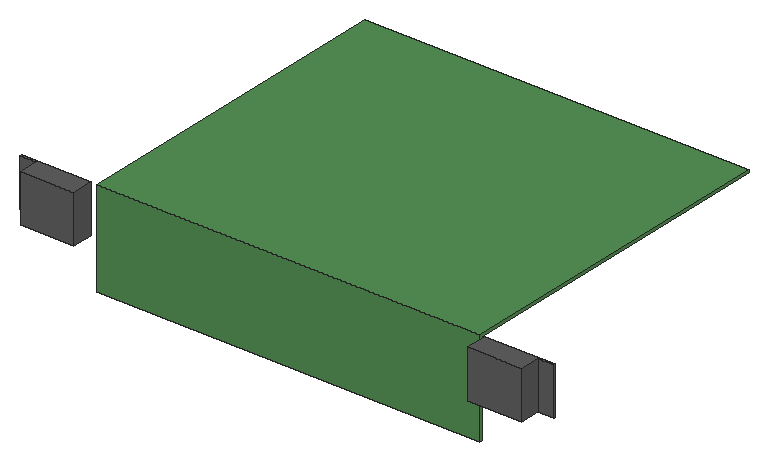
Revit family "Levelers_Kelley_aFX", category Specialty Equipment, host Floor, Revit 2026
Family settings
  Host = Floor
  Round Connector Dimension = Use Diameter
  Part Type = Normal
  Enable Cutting in Views = No
  Always vertical = Yes
  Cut with Voids When Loaded = Yes
  Maintain Annotation Orientation = No
  Shared = No
  Room Calculation Point = No
Parameters (values of type "6x6")
  URL = "http://kelleyentrematic.com/"
  Model = "aFX"
  Manufacturer = "Kelley Entrematic"
  Description = "Airbag Leveler"
  LipExtension = 0' - 0"
  PitWidth = 6' - 2"
  PitLength = 5' - 3"
  PitDepthR = PitDepth - 0' 0 1/2"  # 1' - 7 1/2"
  PitDepth = 1' - 8"
  LipLength = 1' - 6"
  Default Elevation = 0' - 0"
  Curb = 0' - 3"
  Capacity = "30-50k"
Types (18): name | LipExtension | PitWidth | PitLength | PitDepthR | PitDepth
  6x6 | 0' - 0" | 6' - 2" | 5' - 3" | 1' - 7 1/2" | 1' - 8"
  6x8 | 0' - 0" | 6' - 2" | 7' - 3" | 1' - 7 1/2" | 1' - 8"
  6.5x6 | 0' - 0" | 6' - 8" | 5' - 3" | 1' - 7 1/2" | 1' - 8"
  6.5x8 | 0' - 0" | 6' - 8" | 7' - 3" | 1' - 7 1/2" | 1' - 8"
  7x6 | 0' - 0" | 7' - 1" | 5' - 3" | 1' - 7 1/2" | 1' - 8"
  7x8 | 0' - 0" | 7' - 1" | 7' - 3" | 1' - 7 1/2" | 1' - 8"
  6x10 | 0' - 0" | 6' - 2" | 9' - 3" | 1' - 11 1/2" | 2' - 0"
  6.5x10 | 0' - 0" | 6' - 8" | 9' - 3" | 1' - 11 1/2" | 2' - 0"
  7x10 | 0' - 0" | 7' - 1" | 9' - 3" | 1' - 11 1/2" | 2' - 0"
  6x6 Barrier Lip | 0' - 5" | 6' - 2" | 5' - 3" | 1' - 7 1/2" | 1' - 8"
  6x8 Barrier Lip | 0' - 5" | 6' - 2" | 7' - 3" | 1' - 7 1/2" | 1' - 8"
  6x10 Barrier Lip | 0' - 5" | 6' - 2" | 9' - 3" | 1' - 11 1/2" | 2' - 0"
  7x10 Barrier Lip | 0' - 5" | 7' - 1" | 9' - 3" | 1' - 11 1/2" | 2' - 0"
  7x6 Barrier Lip | 0' - 5" | 7' - 1" | 5' - 3" | 1' - 7 1/2" | 1' - 8"
  7x8 Barrier Lip | 0' - 5" | 7' - 1" | 7' - 3" | 1' - 7 1/2" | 1' - 8"
  6.5x10 Barrier Lip | 0' - 5" | 6' - 8" | 9' - 3" | 1' - 11 1/2" | 2' - 0"
  6.5x6 Barrier Lip | 0' - 5" | 6' - 8" | 5' - 3" | 1' - 7 1/2" | 1' - 8"
  6.5x8 Barrier Lip | 0' - 5" | 6' - 8" | 7' - 3" | 1' - 7 1/2" | 1' - 8"
Reference planes (in)
  plane 1 "Center (Front/Back)": y = 0
  plane 2: z = 0
  plane 3 "Center (Left/Right)": x = 0
  plane 4 "Lip Width": y = -59.5
  plane 5 "pit right": x = 37
  plane 6 "Pit left": x = -37
  plane 7 "pit rear": y = 3
  plane 8 "curb angle left": x = -40
  plane 9: x = -36
  plane 10 "curb angle right": x = 40
  plane 11: x = 36
  plane 12 "curb angle rear": y = 6
  plane 13 "Curb angle - Front": y = -57
  plane 14 "Edge of Dock": y = -60
  plane 15: z = -0.5
  plane 16: z = -19.5
  plane 17: z = -20
  plane 18: y = -9
  plane 19: y = -48
  plane 20 "Lip Length": z = -18
  plane 21: x = 58
  plane 22: x = -58
  plane 23: z = -3
  plane 24: z = -23
  plane 25: z = 0
  plane 26: z = 0
  plane 27: z = -9
  plane 28: x = -47.125
  plane 29: x = -50.125
  plane 30: y = -60.25
  plane 31: y = -64
  plane 32: x = 47.125
  plane 33: x = 50.125
Forms (in)
  Extrusion 1, void
    sketch origin (0, 0, 0) x (0, 1, 0) y (0, 0, 1)
      loop
        line (3, 0) -> (-60, 0) -> (-60, -20) -> (-48, -20) -> (-9, -19.5) -> (3, -19.5) -> (3, 0)
    from -37 to 37
  Extrusion 2, solid, material "Kelly Diamond"
    sketch origin (0, 0, 0) x (1, 0, 0) y (0, 1, 0)
      loop
        line (-36, 3) -> (-36, -60) -> (36, -60) -> (36, 3) -> (-36, 3)
    from -0.5 to 0
  Extrusion 3, solid, material "Kelly Diamond"
    sketch origin (0, 0, 0) x (1, 0, 0) y (0, 0, 1)
      loop
        line (-36, 0) -> (-36, -18) -> (36, -18) -> (36, 0) -> (-36, 0)
    from 59.5 to 60
  Extrusion 4, solid, material "BUMPER"
    sketch origin (0, 0, 0) x (-1, 0, 0) y (0, -1, 0)
      loop
        line (37, 60) -> (50.125, 60) -> (50.125, 60.25) -> (47.125, 60.25) -> (47.125, 64) -> (37, 64) -> (37, 60)
      loop
        line (-37, 60) -> (-37, 64) -> (-47.125, 64) -> (-47.125, 60.25) -> (-50.125, 60.25) -> (-50.125, 60) -> (-37, 60)
    from -9 to 0
Cuts and joins
  joined: Extrusion 2, Extrusion 3
Lines and regions (in)
  model lines
    curve 1: line (-40, 6, 0) -> (40, 6, 0)
    curve 2: line (40, 6, 0) -> (40, 3, 0)
    curve 3: line (40, 3, 0) -> (-40, 3, 0)
    curve 4: line (-40, 3, 0) -> (-40, 6, 0)
    curve 5: line (-40, 3, 0) -> (-40, -57, 0)
    curve 6: line (-37, -57, 0) -> (-37, 3, 0)
    curve 7: line (-37, -57, 0) -> (-58, -57, 0)
    curve 8: line (-58, -57, 0) -> (-58, -60, 0)
    curve 9: line (-58, -60, 0) -> (-37, -60, 0)
    curve 10: line (40, 3, 0) -> (40, -57, 0)
    curve 11: line (37, -57, 0) -> (37, 3, 0)
    curve 12: line (37, -60, 0) -> (58, -60, 0)
    curve 13: line (58, -60, 0) -> (58, -57, 0)
    curve 14: line (58, -57, 0) -> (37, -57, 0)
    curve 15: line (-58, -60, 0) -> (-58, -60, -3)
    curve 16: line (-58, -60, -3) -> (-37, -60, -3)
    curve 17: line (-37, -60, -3) -> (-37, -60, 0)
    curve 18: line (-40, -60, -3) -> (-40, -60, -23)
    curve 19: line (-40, -60, -20) -> (-37, -60, -20)
    curve 20: line (-40, -60, -23) -> (40, -60, -23)
    curve 21: line (40, -60, -23) -> (40, -60, -3)
    curve 22: line (37, -60, -20) -> (40, -60, -20)
    curve 23: line (37, -60, -20) -> (37, -60, 0)
    curve 24: line (37, -60, -3) -> (58, -60, -3)
    curve 25: line (58, -60, -3) -> (58, -60, 0)
    curve 26: line (-37, -60, -3) -> (-37, -60, -20)
    curve 27: line (-37, -60, -20) -> (37, -60, -20)
    curve 28: line (-37, -57, 0) -> (-37, -60, 0)
    curve 29: line (37, -57, 0) -> (37, -60, 0)
Dimensions and locks (in)
  equal spacing: host sketch curve, plane 1 "Center (Front/Back)", host sketch curve
  equal spacing: host sketch curve, plane 3 "Center (Left/Right)", host sketch curve
  host sketch curve to host sketch curve = 10' - 0"  (x2)
  equal spacing: plane 6 "Pit left", plane 3 "Center (Left/Right)", plane 5 "pit right"
  "PitWidth": plane 6 "Pit left" to plane 5 "pit right"
  "PitLength": plane 14 "Edge of Dock" to plane 7 "pit rear"
  "Curb": plane 8 "curb angle left" to plane 6 "Pit left"
  locked: plane 6 "Pit left" to plane 9 at 1
  locked: plane 11 to plane 5 "pit right" at 1
  "Curb": plane 5 "pit right" to plane 10 "curb angle right"
  "Curb": plane 7 "pit rear" to plane 12 "curb angle rear"
  "Curb": plane 14 "Edge of Dock" to plane 13 "Curb angle - Front"
  "PitDepthR": level to plane 16
  "PitDepth": level to plane 17
  locked: plane 7 "pit rear" to plane 18 at 12
  locked: plane 19 to plane 14 "Edge of Dock" at 12
  "LipLength": level to plane 20 "Lip Length"
  locked: plane 22 to plane 6 "Pit left" at 21
  locked: plane 5 "pit right" to plane 21 at 21
  "LipExtension": plane 26 to level
  locked: plane 24 to plane 17 at 3
  locked: level to plane 15 at 0.5
  locked: plane 14 "Edge of Dock" to plane 4 "Lip Width" at 0.5
  locked: plane 3 "Center (Left/Right)" to connector elem at 14
  locked: connector elem to level at 16
  locked: curve 9 to plane 30 at 0.25
  locked: plane 31 to curve 9 at 4
  locked: plane 28 to plane 6 "Pit left" at 10.125
  locked: plane 29 to plane 6 "Pit left" at 13.125
  locked: plane 5 "pit right" to plane 32 at 10.125
  locked: plane 5 "pit right" to plane 33 at 13.125
  aligned and locked: level to plane 2
  aligned and locked: plane 14 "Edge of Dock" to host floor
  aligned and locked: plane 19 to Extrusion 1 sketch curve
  aligned and locked: plane 16 to Extrusion 1 sketch curve
  aligned and locked: Extrusion 1 sketch curve to plane 18
  aligned and locked: plane 17 to Extrusion 1 sketch curve
  aligned and locked: Extrusion 1 sketch curve to plane 14 "Edge of Dock"
  aligned and locked: Extrusion 1 to plane 6 "Pit left"
  aligned and locked: Extrusion 1 to plane 5 "pit right"
  aligned and locked: plane 7 "pit rear" to Extrusion 2 sketch curve
  aligned and locked: Extrusion 2 sketch curve to plane 9
  aligned and locked: Extrusion 2 sketch curve to plane 14 "Edge of Dock"
  aligned and locked: Extrusion 2 to plane 15
  aligned and locked: level to Extrusion 2
  aligned and locked: Extrusion 3 sketch curve to Extrusion 2
  aligned and locked: plane 20 "Lip Length" to Extrusion 3 sketch curve
  aligned and locked: Extrusion 3 sketch curve to plane 11
  aligned and locked: Extrusion 3 to plane 14 "Edge of Dock"
  aligned and locked: Extrusion 3 to plane 4 "Lip Width"
  aligned and locked: Extrusion 2 sketch curve to plane 11
  aligned and locked: curve 7 to plane 13 "Curb angle - Front"
  aligned and locked: curve 8 to plane 22
  aligned and locked: curve 5 to plane 8 "curb angle left"
  aligned and locked: plane 6 "Pit left" to curve 6
  aligned and locked: curve 3 to plane 7 "pit rear"
  aligned and locked: plane 12 "curb angle rear" to curve 1
  aligned and locked: curve 2 to plane 10 "curb angle right"
  aligned and locked: plane 5 "pit right" to curve 11
  aligned and locked: curve 10 to plane 10 "curb angle right"
  aligned and locked: curve 14 to plane 13 "Curb angle - Front"
  aligned and locked: plane 14 "Edge of Dock" to curve 12
  aligned and locked: curve 13 to plane 21
  aligned and locked: plane 24 to curve 18
  aligned and locked: plane 23 to curve 16
  aligned and locked: curve 15 to plane 22
  aligned and locked: plane 6 "Pit left" to curve 17
  aligned and locked: curve 22 to plane 5 "pit right"
  aligned and locked: curve 21 to plane 10 "curb angle right"
  aligned and locked: curve 22 to plane 17
  aligned and locked: curve 25 to plane 21
  aligned and locked: curve 19 to curve 27
  aligned and locked: plane 14 "Edge of Dock" to curve 9
  aligned and locked: plane 26 to Extrusion 3 sketch curve
  aligned and locked: plane 23 to curve 24
  aligned and locked: plane 24 to curve 20
  aligned and locked: plane 27 to Extrusion 4
  aligned and locked: level to Extrusion 4
  aligned and locked: cut or joined group of Extrusion 2, Extrusion 3 to plane 7 "pit rear"
  aligned and locked: plane 30 to Extrusion 4 sketch curve
  aligned and locked: Extrusion 4 sketch curve to plane 29
  aligned and locked: Extrusion 4 sketch curve to plane 28
  aligned and locked: Extrusion 4 sketch curve to curve 9
  aligned and locked: Extrusion 4 sketch curve to plane 6 "Pit left"
  aligned and locked: plane 31 to Extrusion 4 sketch curve
  aligned and locked: Extrusion 4 sketch curve to plane 33
  aligned and locked: plane 32 to Extrusion 4 sketch curve
  aligned and locked: Extrusion 4 sketch curve to plane 31
  aligned and locked: Extrusion 4 sketch curve to plane 30
  aligned and locked: Extrusion 4 sketch curve to plane 5 "pit right"
  aligned and locked: curve 9 to Extrusion 4 sketch curve
Automatic sketch dimensions
  Extrusion 1 sketch curve to level = 0' - 0"
  Extrusion 1 sketch curve to plane 7 "pit rear" = 0' - 0"
  plane 8 "curb angle left" to curve 20 = 0' - 0"
  curve 25 to level = 0' - 0"
  plane 21 to curve 25 = 0' - 0"
  curve 27 to plane 17 = 0' - 0"
  curve 16 to plane 23 = 0' - 0"
  curve 23 to level = 0' - 0"
  curve 17 to level = 0' - 0"
  curve 15 to level = 0' - 0"
Connectors (in)
  electrical at (14, 3, -16)
    settings: on plane 7 "pit rear", index 1, voltage 120 V, apparent load 0 VA, apparent load phase1 0 VA, apparent load phase2 0 VA, apparent load phase3 0 VA, power factor 1, load classification "Other", number of poles 1, system type 31, power factor state 1, is connector primary yes, connector utility no, sub classification motor no, connector description ""
